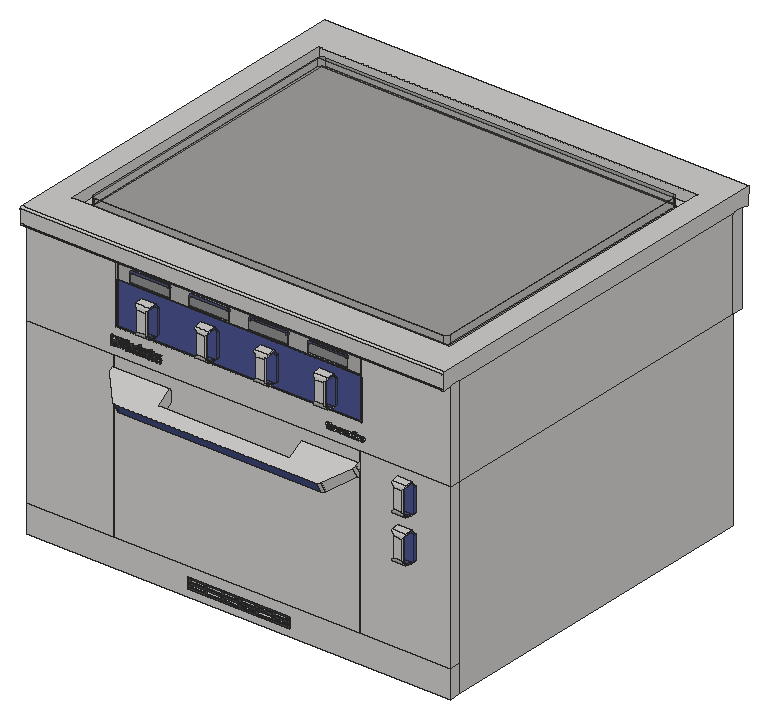
Revit family "QF_ELECTROLUXPROFESSIONAL_589661_MCTGEAJ8AO", category Attrezzature speciali, Revit 2020
Family settings
  Quota connettore circolare = Usa diametro
  Tipo di parte = Normale
  Basato su piano di lavoro = No
  Sempre verticale = Sì
  Taglio con vuoti quando caricato = No
  Condiviso = No
  Punto di calcolo locali = No
Parameters (values of type "Standard")
  Weight = 258.00 kg
  Watts = 21300 W
  Volts = 400 V
  URL Manufacturer = "https://www.electroluxprofessional.com/"
  URL = "https://www.electroluxprofessional.com/"
  Steam Supply Size = 0"
  Steam Supply Minimum Pressure = 0.00 psi
  Steam Supply Maximum Pressure = 0.00 psi
  Steam Consumption per Hour = 0
  Refrigeration Suction Line Size = 0 mm
  Refrigeration Liquid Line Size = 0 mm
  Refrigerant Compressor Remote = yes
  Prospetto di default = 0 mm
  Phase = 3
  Modello = "MCTGEAJ8AO"
  Produttore = "Electrolux Professional"
  Length Actual = 1000 mm  # constant formula
  Item Number = "589661"
  Hot Water Size = 0"
  Height Actual = 700 mm  # constant formula
  HP = "28.6 HP"
  Gas Size = 0"
  Gas KW = 0
  Gas Input Pressure = 0.0 Btu/h
  Direct Waste Size = 0"
  Descrizione = "EL.FREE COOK.ST.OVEN,1S,1000X900X700H"
  Depth Actual = 900 mm  # constant formula
  Cycle = 50 Hz
  Condensate Return Size = 0"
  Compressed Air Volume = 0 GPM
  Compressed Air Size = 0"
  Compressed Air Pressure = 0.00 psi
  Cold Water Size = 0"
  Accessory = yes
Reference planes
  plane 1 "BACK": y = 0
  plane 2: z = 0
  plane 3 "LEFT": x = -100
  plane 4 "RIGHT": x = 900
  plane 5 "FRONT": y = -900
  plane 6 "TOP": z = 900
  plane 7 "Center (Left/Right)": x = 400
  plane 8: y = -450
  plane 9: z = 200
  plane 10: y = -150
  plane 11 "Panel": y = -855
  plane 12: z = 798
  plane 13: z = 1327
  plane 14: x = -22
  plane 15: x = 822
  plane 16: y = -150
  plane 17: y = -650
  plane 18 "EIx": x = 855
  plane 19 "EIy": y = -685
  plane 20: y = -880
Forms (mm)
  Extrusion 1, solid, material "QF_Finishes_Stainless Steel"
    sketch origin (-178.969, -4572, 200) x (-1, 0, 0) y (0, -1, 0)
      loop
        line (-78.969, -4527) -> (-78.969, -3717) -> (-1078.969, -3717) -> (-1078.969, -4527) -> (-78.969, -4527)
    from 450 to 663
  Extrusion 2, solid, material "QF_Finishes_Stainless Steel"
    sketch origin (-100, 0, 0) x (0, 1, 0) y (0, 0, 1)
      loop
        line (-855, 200) -> (-855, 265) -> (-880, 265) -> (-880, 200) -> (-855, 200)
    from 0 to 1000
  Extrusion 3, solid, material "QF_Finishes_Stainless Steel"
    sketch origin (-488.969, -4662, 200) x (-1, 0, 0) y (0, -1, 0)
      loop
        circle (-1343.969, -3977) r 6.35
    from 0 to -11.851
  Extrusion 4, solid, material "QF_Finishes_Stainless Steel"
    sketch origin (400, 296.4, 1219.2) x (0, 1, 0) y (0, 0, 1)
      loop
        line (-296.4, -319.2) -> (-1191.4, -319.2)
        arc (-1191.4, -319.2) -> (-1194.935, -320.664) -> (-1196.4, -324.2) r 5
        line (-1196.4, -324.2) -> (-1196.4, -355.2)
        arc (-1196.4, -355.2) -> (-1194.971, -358.264) -> (-1191.705, -359.139) r 4
        line (-1191.705, -359.139) -> (-1176.4, -356.231) -> (-316.4, -356.231) -> (-301.094, -359.139)
        arc (-301.094, -359.139) -> (-297.829, -358.264) -> (-296.4, -355.2) r 4
        line (-296.4, -355.2) -> (-296.4, -319.2)
    from -500 to 500
  Extrusion 5, solid, material "QF_Finishes_Electrolux_Black Smoke Iluminated"
    sketch origin (0, 0, 900) x (-1, 0, 0) y (0, -1, 0)
      loop
        arc (12, 109) -> (19.071, 111.929) -> (22, 119) r 10
        line (22, 119) -> (22, 780)
        arc (22, 780) -> (19.071, 787.071) -> (12, 790) r 10
        line (12, 790) -> (-812, 790)
        arc (-812, 790) -> (-819.071, 787.071) -> (-822, 780) r 10
        line (-822, 780) -> (-822, 119)
        arc (-822, 119) -> (-819.071, 111.929) -> (-812, 109) r 10
        line (-812, 109) -> (12, 109)
    from 0 to -20
  Extrusion 6, solid, material "QF_Finishes_Stainless Steel"
    sketch origin (-178.969, -4572, 200) x (-1, 0, 0) y (0, -1, 0)
      loop
        line (-78.969, -4527) -> (-78.969, -3717) -> (-1078.969, -3717) -> (-1078.969, -4527) -> (-78.969, -4527)
    from 450 to 0
  Extrusion 7, void
    sketch origin (0, -855, 0) x (-1, 0, 0) y (0, 0, 1)
      loop
        line (-520, 216.594) -> (-280, 216.594) -> (-280, 241.594) -> (-520, 241.594) -> (-520, 216.594)
    from 0 to -25
  Extrusion 8, solid, material "QF_Finishes_Black"
    sketch origin (0, -855, 0) x (-1, 0, 0) y (0, 0, 1)
      loop
        line (-280, 241.594) -> (-520, 241.594) -> (-520, 216.594) -> (-280, 216.594) -> (-280, 241.594)
      loop
        line (-282, 239.594) -> (-319.131, 239.594) -> (-319.131, 230.094) -> (-282, 230.094) -> (-282, 239.594)
      loop
        line (-282, 218.594) -> (-282, 228.094) -> (-319.131, 228.094) -> (-319.131, 218.594) -> (-282, 218.594)
      loop
        line (-321.131, 239.594) -> (-359.066, 239.594) -> (-359.066, 230.094) -> (-321.131, 230.094) -> (-321.131, 239.594)
      loop
        line (-399, 239.594) -> (-399, 230.094) -> (-361.066, 230.094) -> (-361.066, 239.594) -> (-399, 239.594)
      loop
        line (-401, 239.594) -> (-438.934, 239.594) -> (-438.934, 230.094) -> (-401, 230.094) -> (-401, 239.594)
      loop
        line (-359.066, 218.594) -> (-321.131, 218.594) -> (-321.131, 228.094) -> (-359.066, 228.094) -> (-359.066, 218.594)
      loop
        line (-361.066, 218.594) -> (-361.066, 228.094) -> (-399, 228.094) -> (-399, 218.594) -> (-361.066, 218.594)
      loop
        line (-401, 228.094) -> (-438.934, 228.094) -> (-438.934, 218.594) -> (-401, 218.594) -> (-401, 228.094)
      loop
        line (-518, 239.594) -> (-518, 230.094) -> (-480.869, 230.094) -> (-480.869, 239.594) -> (-518, 239.594)
      loop
        line (-518, 218.594) -> (-480.869, 218.594) -> (-480.869, 228.094) -> (-518, 228.094) -> (-518, 218.594)
      loop
        line (-478.869, 239.594) -> (-478.869, 230.094) -> (-440.934, 230.094) -> (-440.934, 239.594) -> (-478.869, 239.594)
      loop
        line (-440.934, 218.594) -> (-440.934, 228.094) -> (-478.869, 228.094) -> (-478.869, 218.594) -> (-440.934, 218.594)
    from -25.03 to -20
  Extrusion 9, void
    sketch origin (0, 0, 900) x (-1, 0, 0) y (0, -1, 0)
      loop
        line (47, 815) -> (-847, 815) -> (-847, 84) -> (47, 84) -> (47, 815)
    from 0 to -25
  Extrusion 10, solid, material "QF_Finishes_Stainless Steel"
    sketch origin (0, 0, 900) x (-1, 0, 0) y (0, -1, 0)
      loop
        line (18, 113) -> (18, 786) -> (-818, 786) -> (-818, 113) -> (18, 113)
    from -20 to -25
  Extrusion 11, solid, material "QF_Finishes_Stainless Steel"
    sketch origin (400, 296.4, 1219.169) x (0, 1, 0) y (0, 0, 1)
      loop
        line (-341.4, -356.2) -> (-341.4, -569.2) -> (-316.4, -569.2) -> (-316.4, -356.2) -> (-341.4, -356.2)
    from -500 to 500
Cuts and joins
  Extrusion 7 cuts Extrusion 6
  Extrusion 7 cuts Extrusion 2
  Extrusion 9 cuts Extrusion 4
Lines and regions (mm)
  symbolic lines
    curve 1: line (-100, 0, 200) -> (900, 0, 200)
    curve 2: line (-100, -900, 200) -> (-100, 0, 200)
    curve 3: line (900, -900, 200) -> (-100, -900, 200)
    curve 4: line (900, 0, 200) -> (900, -900, 200)
    curve 5: line (812, -109, 200) -> (-12, -109, 200)
    curve 6: line (-22, -119, 200) -> (-22, -780, 200)
    curve 7: line (-12, -790, 200) -> (812, -790, 200)
    curve 8: line (822, -780, 200) -> (822, -119, 200)
    curve 9: arc (-12, -109, 200) -> (-19.071, -111.929, 200) -> (-22, -119, 200) r 10
    curve 10: arc (822, -119, 200) -> (819.071, -111.929, 200) -> (812, -109, 200) r 10
    curve 11: arc (812, -790, 200) -> (819.071, -787.071, 200) -> (822, -780, 200) r 10
    curve 12: arc (-22, -780, 200) -> (-19.071, -787.071, 200) -> (-12, -790, 200) r 10
    curve 13: line (847, -84, 900) -> (-47, -84, 900)
    curve 14: line (-47, -84, 900) -> (-47, -815, 900)
    curve 15: line (847, -815, 900) -> (847, -84, 900)
    curve 16: line (-47, -815, 900) -> (847, -815, 900)
Dimensions and locks
  plane 3 "LEFT" to plane 4 "RIGHT" = 1000 mm
  plane 5 "FRONT" to plane 1 "BACK" = 900 mm
  plane 3 "LEFT" to plane 7 "Center (Left/Right)" to plane 4 "RIGHT" = 500 mm, 500 mm
  equal spacing: plane 5 "FRONT", plane 8, plane 1 "BACK"
  plane 6 "TOP" to level = 900 mm  (x2)
  plane 9 to level = 200 mm
  plane 1 "BACK" to plane 10 to plane 11 "Panel" = 150 mm, 705 mm  (x2)
  plane 6 "TOP" to plane 9 to level = 700 mm, 200 mm
  plane 1 "BACK" to plane 5 "FRONT" = 900 mm
  plane 1 "BACK" to Extrusion 3 = 685 mm
  plane 12 to plane 9 = 598 mm
  plane 13 to plane 6 "TOP" = 427 mm
  plane 6 "TOP" to plane 12 = 102 mm
  plane 14 to plane 3 "LEFT" = 78 mm
  plane 15 to plane 4 "RIGHT" = 78 mm
  locked: plane 1 "BACK" to plane 16 at 150
  locked: plane 16 to plane 17 at 500
  plane 11 "Panel" to plane 5 "FRONT" = 45 mm
  plane 18 "EIx" to plane 4 "RIGHT" = 45 mm
  plane 19 "EIy" to plane 1 "BACK" = 685 mm
  locked: plane 11 "Panel" to plane 20 at 25
  aligned and locked: level to plane 2
  aligned and locked: Extrusion 2 to plane 4 "RIGHT"
  aligned and locked: cut or joined group of Extrusion 4, Extrusion 9 to plane 3 "LEFT"
  aligned and locked: cut or joined group of Extrusion 4, Extrusion 9 to plane 4 "RIGHT"
  aligned and locked: cut or joined group of Extrusion 6, Extrusion 7 to plane 4 "RIGHT"
  aligned and locked: cut or joined group of Extrusion 6, Extrusion 7 to plane 3 "LEFT"
  aligned and locked: nested 1 to plane 11 "Panel"
  aligned and locked: nested 4 to plane 11 "Panel"
  aligned and locked: Extrusion 1 to plane 11 "Panel"
  aligned and locked: plane 11 "Panel" to cut or joined group of Extrusion 2, Extrusion 7
  aligned and locked: nested 2 to plane 20
  aligned and locked: nested 3 to plane 20
  aligned and locked: Extrusion 11 to plane 4 "RIGHT"
  aligned and locked: Extrusion 1 to plane 3 "LEFT"
  aligned and locked: Extrusion 11 to plane 3 "LEFT"
  aligned and locked: Extrusion 1 to plane 4 "RIGHT"
  aligned and locked: plane 3 "LEFT" to nested 1
Automatic sketch dimensions
  Extrusion 1 sketch curve to plane 4 "RIGHT" = 0 mm
  Extrusion 1 sketch curve to plane 3 "LEFT" = 0 mm
  Extrusion 1 sketch curve to plane 11 "Panel" = 0 mm
  plane 1 "BACK" to Extrusion 1 sketch curve = 45 mm
  Extrusion 2 sketch curve to plane 9 = 0 mm
  Extrusion 2 sketch curve to plane 20 = 0 mm
  Extrusion 2 sketch curve to plane 11 "Panel" = 0 mm
  plane 9 to Extrusion 2 sketch curve = 65 mm
  plane 1 "BACK" to curve 1 = 0 mm
  curve 1 to plane 4 "RIGHT" = 0 mm
  curve 8 to plane 15 = 0 mm
  curve 6 to plane 14 = 0 mm
  curve 2 to plane 3 "LEFT" = 0 mm
  plane 5 "FRONT" to curve 3 = 0 mm
  plane 15 to curve 5 = 10 mm
  plane 15 to curve 11 = 10 mm
  curve 5 to plane 14 = 10 mm
  curve 12 to curve 12 = 10 mm
  plane 10 to curve 5 = 41 mm
  plane 11 "Panel" to curve 11 = 75 mm
  Extrusion 3 sketch curve to plane 18 "EIx" = 0 mm
  Extrusion 3 sketch curve to plane 19 "EIy" = 0 mm
  Extrusion 4 sketch curve to plane 5 "FRONT" = 0 mm
  Extrusion 4 sketch curve to plane 6 "TOP" = 0 mm
  Extrusion 4 sketch curve to plane 20 = 0 mm
  Extrusion 4 sketch curve to plane 1 "BACK" = 0 mm
  Extrusion 4 sketch curve to Extrusion 4 sketch curve = 4 mm
  Extrusion 4 sketch curve to Extrusion 4 sketch curve = 0.695 mm
  Extrusion 4 sketch curve to plane 5 "FRONT" = 5 mm
  plane 1 "BACK" to Extrusion 4 sketch curve = 20 mm
  plane 1 "BACK" to Extrusion 4 sketch curve = 4.695 mm
  plane 1 "BACK" to Extrusion 4 sketch curve = 4 mm
  Extrusion 4 sketch curve to Extrusion 4 sketch curve = 31 mm
  Extrusion 4 sketch curve to Extrusion 4 sketch curve = 36 mm
  Extrusion 4 sketch curve to Extrusion 4 sketch curve = 2.909 mm
  Extrusion 5 sketch curve to plane 15 = 0 mm
  Extrusion 5 sketch curve to plane 14 = 0 mm
  plane 15 to Extrusion 5 sketch curve = 10 mm  (x2)
  Extrusion 5 sketch curve to Extrusion 5 sketch curve = 10 mm  (x2)
  plane 10 to Extrusion 5 sketch curve = 41 mm
  plane 11 "Panel" to Extrusion 5 sketch curve = 75 mm
  Extrusion 6 sketch curve to plane 4 "RIGHT" = 0 mm
  Extrusion 6 sketch curve to plane 3 "LEFT" = 0 mm
  Extrusion 6 sketch curve to plane 11 "Panel" = 0 mm
  plane 1 "BACK" to Extrusion 6 sketch curve = 45 mm
  plane 9 to Extrusion 7 sketch curve = 41.594 mm
  plane 7 "Center (Left/Right)" to Extrusion 7 sketch curve = 120 mm
  Extrusion 7 sketch curve to plane 7 "Center (Left/Right)" = 120 mm
  plane 9 to Extrusion 7 sketch curve = 16.594 mm
  plane 9 to Extrusion 8 sketch curve = 41.594 mm
  plane 7 "Center (Left/Right)" to Extrusion 8 sketch curve = 120 mm
  Extrusion 8 sketch curve to Extrusion 8 sketch curve = 2 mm  (x15)
  Extrusion 8 sketch curve to Extrusion 8 sketch curve = 0 mm  (x16)
  Extrusion 8 sketch curve to Extrusion 8 sketch curve = 37.131 mm  (x2)
  Extrusion 8 sketch curve to Extrusion 8 sketch curve = 37.934 mm  (x3)
  plane 7 "Center (Left/Right)" to Extrusion 8 sketch curve = 1 mm  (x2)
  Extrusion 8 sketch curve to plane 7 "Center (Left/Right)" = 1 mm  (x2)
  plane 9 to Extrusion 8 sketch curve = 18.594 mm  (x4)
  Extrusion 8 sketch curve to Extrusion 8 sketch curve = 9.5 mm  (x6)
  plane 18 "EIx" to Extrusion 9 sketch curve = 8 mm
  plane 14 to Extrusion 9 sketch curve = 25 mm
  plane 10 to Extrusion 9 sketch curve = 66 mm
  plane 11 "Panel" to Extrusion 9 sketch curve = 40 mm
  plane 15 to Extrusion 10 sketch curve = 4 mm
  Extrusion 10 sketch curve to plane 14 = 4 mm
  plane 10 to Extrusion 10 sketch curve = 37 mm
  plane 11 "Panel" to Extrusion 10 sketch curve = 69 mm
  plane 18 "EIx" to curve 16 = 8 mm
  plane 14 to curve 14 = 25 mm
  plane 10 to curve 13 = 66 mm
  plane 11 "Panel" to curve 15 = 40 mm
  plane 1 "BACK" to Extrusion 11 sketch curve = 45 mm
  plane 1 "BACK" to Extrusion 11 sketch curve = 20 mm
  Extrusion 11 sketch curve to plane 12 = 148.031 mm
  Extrusion 11 sketch curve to plane 6 "TOP" = 37.031 mm
  radius of Extrusion 3 sketch curve = 6.35 mm
Nested families
  nested 1: "Door_Panel_W1000_A" at (400, -855, 0), type "Door_Panel_W1000_A"
  nested 2: "FIT Range Control Handle" at (795, -883.137, -372.751), type "FIT Range Control Handle"
  nested 3: "FIT Range Control Handle" at (795, -883.137, -474.751), type "FIT Range Control Handle"
  nested 4: "Front_Panel_W1000_4 Knobs" at (102.376, -855, 0), type "Front_Panel_W1000_4 Knobs"
Connectors
  electrical at (855, -685, 188.149)
    settings: on Extrusion 3, index 1, voltage 400 V, apparent load 33000 VA, apparent load phase1 0 VA, apparent load phase2 0 VA, apparent load phase3 0 VA, power factor 1, load classification "Other", number of poles 1, system type 30, power factor state 1, is connector primary yes, connector utility no, sub classification motor no, connector description "ELECTRICAL CONNECTION"
Definition of nested family "Door_Panel_W1000_A"
  Parameters
    Default Elevation = 0 mm
  Reference planes
    plane 1 "Center (Front/Back)": y = 0
    plane 2 "Ref. Level": z = 0
    plane 3: x = 500
    plane 4: x = -500
    plane 5 "Center (Left/Right)": x = 0
    plane 6: x = -295
    plane 7: x = 285
    plane 8 "Manopola": through (-6096, -50.059, 612.389) normal (0, -0.515, 0.8572)
    plane 9 "Top": z = 650
    plane 10: z = 265
    plane 11: z = 200
  Forms (mm)
    Extrusion 1, solid
      sketch origin (0, 0, 0) x (0, 1, 0) y (0, 0, 1)
        loop
          line (-25.03, 650) -> (-25.03, 265) -> (0, 265) -> (0, 650) -> (-25.03, 650)
      from 285 to 500
    Extrusion 2, solid
      sketch origin (0, 0, 0) x (0, 1, 0) y (0, 0, 1)
        loop
          line (-25.03, 650) -> (-25.03, 265) -> (0, 265) -> (0, 650) -> (-25.03, 650)
      from -500 to -295
    Extrusion 3, solid
      sketch origin (0, 0, 0) x (0, 1, 0) y (0, 0, 1)
        loop
          line (-25.03, 650) -> (-25.03, 265) -> (0, 265) -> (0, 650) -> (-25.03, 650)
      from -295 to 285
    Extrusion 4, solid
      sketch origin (0, -283.633, 472.044) x (0, 0.857167, 0.515038) y (-1, 0, 0)
        loop
          line (299.12, -285) -> (299.12, 295) -> (290.982, 295)
          arc (290.982, 295) -> (286.677, 294.026) -> (283.211, 291.293) r 10
          line (283.211, 291.293) -> (233.28, 250.86)
          arc (233.28, 250.86) -> (230.548, 247.394) -> (229.574, 243.089) r 10
          line (229.574, 243.089) -> (229.574, -233.089)
          arc (229.574, -233.089) -> (230.548, -237.394) -> (233.28, -240.86) r 10
          line (233.28, -240.86) -> (283.211, -281.293)
          arc (283.211, -281.293) -> (286.677, -284.026) -> (290.982, -285) r 10
          line (290.982, -285) -> (299.12, -285)
      from -27 to 0
    Extrusion 5, void
      sketch origin (0, 0, 0) x (0, 1, 0) y (0, 0, 1)
        loop
          line (-61.514, 605.507) -> (-47.608, 582.363) -> (-25.03, 595.93) -> (-25.03, 627.429) -> (-61.514, 605.507)
      from -160 to 150
    Extrusion 6, solid, detail levels coarse
      sketch origin (0, 0, 0) x (0, 1, 0) y (0, 0, 1)
        loop
          line (-25.03, 265) -> (-25.03, 650)
          arc (-25.03, 650) -> (-297.266, 537.236) -> (-410.03, 265) r 385
          line (-410.03, 265) -> (-25.03, 265)
      from -295 to 285
  Cuts and joins
    Extrusion 5 cuts Extrusion 4
    joined: Extrusion 3, Extrusion 4
  Lines and regions (mm)
    symbolic lines
      curve 1: line (-287.355, -45.043, 0) -> (-250.86, -83.673, 0)
      curve 2: line (-243.089, -86.85, 0) -> (233.089, -86.85, 0)
      curve 3: line (240.86, -83.673, 0) -> (277.355, -45.043, 0)
      curve 4: arc (-243.089, -86.85, 0) -> (-247.318, -86.101, 0) -> (-250.86, -83.673, 0) r 10.165
      curve 5: arc (233.089, -86.85, 0) -> (237.318, -86.101, 0) -> (240.86, -83.673, 0) r 10.165
      curve 6: line (-295, -45.043, 0) -> (-295, -410.03, 0)
      curve 7: line (-295, -410.03, 0) -> (285, -410.03, 0)
      curve 8: line (285, -410.03, 0) -> (285, -45.03, 0)
  Dimensions and locks
    plane 3 to plane 4 = 1000 mm
    plane 4 to plane 3 = 1000 mm
    equal spacing: plane 3, plane 5 "Center (Left/Right)", plane 4
    plane 6 to plane 4 = 205 mm
    plane 3 to plane 7 = 215 mm
    plane 11 to level = 200 mm
    plane 10 to plane 11 = 65 mm
    plane 10 to plane 9 "Top" = 385 mm
    plane 9 "Top" to plane 11 = 450 mm
    aligned and locked: plane 3 to Extrusion 1
    aligned and locked: cut or joined group of Extrusion 3, Extrusion 4, Extrusion 5 to plane 6
    aligned and locked: cut or joined group of Extrusion 3, Extrusion 4, Extrusion 5 to plane 7
    aligned and locked: plane 7 to Extrusion 1
    aligned and locked: plane 6 to Extrusion 2
    aligned and locked: Extrusion 2 to plane 4
    aligned and locked: plane 10 to Extrusion 2
    aligned and locked: plane 10 to cut or joined group of Extrusion 3, Extrusion 4, Extrusion 5
    aligned and locked: plane 10 to Extrusion 1
    aligned and locked: Extrusion 6 to plane 6
    aligned and locked: Extrusion 6 to plane 7
  Automatic sketch dimensions
    Extrusion 5 sketch curve to plane 8 "Manopola" = 0 mm  (x2)
    plane 1 "Center (Front/Back)" to Extrusion 5 sketch curve = 61.514 mm
    Extrusion 5 sketch curve to Extrusion 5 sketch curve = 13.906 mm
    plane 1 "Center (Front/Back)" to Extrusion 5 sketch curve = 25.03 mm
    Extrusion 4 sketch curve to plane 7 = 0 mm
    Extrusion 4 sketch curve to plane 6 = 0 mm
    plane 6 to Extrusion 4 sketch curve = 51.911 mm
    plane 7 to Extrusion 4 sketch curve = 44.14 mm
    Extrusion 4 sketch curve to Extrusion 4 sketch curve = 3.707 mm  (x2)
    plane 6 to Extrusion 4 sketch curve = 44.14 mm
    plane 7 to Extrusion 4 sketch curve = 3.707 mm
    Extrusion 4 sketch curve to Extrusion 4 sketch curve = 49.93 mm  (x2)
    plane 6 to Extrusion 4 sketch curve = 3.707 mm
    Extrusion 4 sketch curve to Extrusion 4 sketch curve = 7.771 mm  (x3)
    Extrusion 4 sketch curve to Extrusion 4 sketch curve = 8.138 mm
    Extrusion 2 sketch curve to plane 1 "Center (Front/Back)" = 0 mm
    Extrusion 3 sketch curve to plane 1 "Center (Front/Back)" = 0 mm
    Extrusion 1 sketch curve to plane 1 "Center (Front/Back)" = 0 mm
    Extrusion 2 sketch curve to plane 9 "Top" = 0 mm
    Extrusion 2 sketch curve to Extrusion 2 sketch curve = 25.03 mm
    Extrusion 3 sketch curve to plane 9 "Top" = 0 mm
    Extrusion 3 sketch curve to Extrusion 3 sketch curve = 25.03 mm
    Extrusion 1 sketch curve to plane 9 "Top" = 0 mm
    plane 1 "Center (Front/Back)" to Extrusion 1 sketch curve = 25.03 mm
    level to Extrusion 1 sketch curve = 265 mm
    level to Extrusion 2 sketch curve = 265 mm
    level to Extrusion 3 sketch curve = 265 mm
    plane 10 to Extrusion 6 sketch curve = 0 mm
    Extrusion 6 sketch curve to plane 9 "Top" = 0 mm
    plane 1 "Center (Front/Back)" to Extrusion 6 sketch curve = 25.03 mm
    curve 7 to plane 7 = 0 mm
    plane 6 to curve 1 = 44.14 mm
    curve 4 to curve 4 = 7.389 mm
    curve 4 to curve 2 = 7.771 mm
    plane 7 to curve 2 = 51.911 mm
    curve 2 to curve 5 = 0.382 mm
    curve 2 to curve 3 = 7.771 mm
    plane 1 "Center (Front/Back)" to curve 6 = 410.03 mm
    plane 1 "Center (Front/Back)" to curve 2 = 86.85 mm
    curve 2 to curve 3 = 3.177 mm
    curve 2 to curve 1 = 3.177 mm
    plane 7 to curve 3 = 7.645 mm
    plane 1 "Center (Front/Back)" to curve 3 = 45.043 mm
    curve 3 to curve 8 = 0.013 mm
    curve 7 to plane 6 = 0 mm
    curve 6 to curve 1 = 7.645 mm
    plane 1 "Center (Front/Back)" to curve 1 = 45.043 mm
    curve 6 to curve 1 = 0 mm
Definition of nested family "FIT Range Control Handle"
  Parameters
    Default Elevation = 0 mm
  Reference planes
    plane 1 "Center (Front/Back)": y = 0
    plane 2: z = 0
    plane 3 "Center (Left/Right)": x = 0
    plane 4: z = 971.092
    plane 5: y = -16.8
  Forms (mm)
    Extrusion 1, solid
      sketch origin (-746.28, 380.497, 208.931) x (-1, 0, 0) y (0, 0, 1)
        loop
          line (-770.101, 786.798) -> (-770.101, 731.649)
          arc (-770.101, 731.649) -> (-769.759, 730.563) -> (-768.855, 729.87) r 1.893
          line (-768.855, 729.87) -> (-763.474, 727.911) -> (-729.81, 727.911) -> (-724.428, 729.87)
          arc (-724.428, 729.87) -> (-723.525, 730.563) -> (-723.183, 731.649) r 1.893
          line (-723.183, 731.649) -> (-723.183, 786.798)
          arc (-723.183, 786.798) -> (-723.529, 787.894) -> (-724.44, 788.593) r 1.91
          line (-724.44, 788.593) -> (-729.683, 790.819) -> (-763.601, 790.819) -> (-768.844, 788.593)
          arc (-768.844, 788.593) -> (-769.755, 787.894) -> (-770.101, 786.798) r 1.91
      from -382.35 to -378.852
    Sweep 2, solid
      path origin (-746.788, 380.496, 208.091) x (0, -1, 0) y (0, 0, 1)
        loop
          line (379.775, 793.281) -> (395.661, 791.048)
          arc (395.661, 791.048) -> (397.781, 787.377) -> (398.517, 783.202) r 12.207
          line (398.517, 783.202) -> (398.517, 737.368)
          arc (398.517, 737.368) -> (397.781, 733.193) -> (395.661, 729.522) r 12.207
          line (395.661, 729.522) -> (379.775, 727.289)
      profile origin (-746.788, -7.222, 1000.256) x (0, -0.139173, 0.990268) y (-1, 0, 0)
        loop
          line (0.782, -763.123) -> (0.782, -730.907) -> (-1.322, -730.907) -> (-1.322, -763.123) -> (0.782, -763.123)
    Sweep 3, solid
      path origin (-746.788, 380.715, 207.832) x (0, -1, 0) y (0, 0, 1)
        loop
          line (380.478, 795.442) -> (397.218, 793.09)
          arc (397.218, 793.09) -> (399.929, 788.473) -> (400.871, 783.202) r 15.207
          line (400.871, 783.202) -> (400.871, 737.584)
          arc (400.871, 737.584) -> (399.914, 732.274) -> (397.164, 727.633) r 15.207
          line (397.164, 727.633) -> (380.601, 725.305)
      profile origin (-746.788, -8.132, 1002.099) x (0, -0.139173, 0.990268) y (-1, 0, 0)
        loop
          line (0.782, -763.123) -> (0.782, -730.907) -> (-1.322, -730.907) -> (-1.322, -763.123) -> (0.782, -763.123)
    Extrusion 4, void
      sketch origin (889.253, 220.666, 207.993) x (1, 0, 0) y (0, 0, 1)
        loop
          line (-943.038, 816.854) -> (-943.038, 703.686) -> (-899.466, 734.196) -> (-899.466, 786.344) -> (-943.038, 816.854)
      from 230.636 to 242.25
    Extrusion 5, void
      sketch origin (-888.8, 220.666, 207.993) x (-1, 0, 0) y (0, 0, -1)
        loop
          line (-943.038, -816.854) -> (-899.466, -786.344) -> (-899.466, -734.196) -> (-943.038, -703.686) -> (-943.038, -816.854)
      from 230.636 to 242.25
    Extrusion 6, solid
      sketch origin (0, 0, 0) x (1, 0, 0) y (0, 0, 1)
        loop
          circle (0, 971.092) r 7.736
      from -3.137 to -1.645
  Cuts and joins
    Extrusion 4, Extrusion 5 cuts Sweep 3
    Extrusion 4, Extrusion 5 cuts Sweep 2
    joined: Extrusion 1, Extrusion 6
  Lines and regions (mm)
    symbolic lines
      curve 1: line (-15.881, -19.189, 0) -> (-15.881, -16.8, 0)
      curve 2: line (16.334, -19.189, 0) -> (16.334, -16.8, 0)
      curve 3: spline (-15.881, -19.189, 0) -> (-15.417, -19.349, 0) -> (-14.951, -19.501, 0) -> (-14.483, -19.646, 0) -> (-14.014, -19.783, 0) -> (-13.543, -19.912, 0) -> (-13.071, -20.033, 0) -> (-12.597, -20.146, 0) -> (-12.122, -20.251, 0) -> (-11.646, -20.349, 0) -> (-11.169, -20.438, 0) -> (-10.691, -20.52, 0) -> (-10.213, -20.593, 0)
      curve 4: spline (10.666, -20.593, 0) -> (11.144, -20.52, 0) -> (11.622, -20.438, 0) -> (12.099, -20.349, 0) -> (12.575, -20.251, 0) -> (13.05, -20.146, 0) -> (13.524, -20.033, 0) -> (13.996, -19.912, 0) -> (14.467, -19.783, 0) -> (14.936, -19.646, 0) -> (15.404, -19.501, 0) -> (15.87, -19.349, 0) -> (16.334, -19.189, 0)
      curve 5: line (-10.213, -20.938, 0) -> (10.716, -20.938, 0)
  Dimensions and locks
    cut or joined group of Sweep 3, Extrusion 4, Extrusion 5 to cut or joined group of Sweep 3, Extrusion 4, Extrusion 5 = 71.686 mm
Definition of nested family "Front_Panel_W1000_4 Knobs"
  Parameters
    Default Elevation = 0 mm
  Reference planes
    plane 1 "Center (Front/Back)": y = 0
    plane 2: z = 0
    plane 3 "Center (Left/Right)": x = 297.624
    plane 4 "Left": x = -202.376
    plane 5 "Right": x = 797.624
    plane 6: y = -45
    plane 7: x = 87.624
    plane 8: x = 227.624
    plane 9: y = -310
    plane 10: y = -25
    plane 11: x = -2.376
    plane 12: x = 367.624
    plane 13: x = 507.624
    plane 14: x = 594.715
  Forms (mm)
    Extrusion 1, solid
      sketch origin (833.217, 829.203, -1.25) x (0, 1, 0) y (0, 0, 1)
        loop
          line (-854.203, 651.25) -> (-829.203, 651.25) -> (-829.203, 864.25) -> (-854.203, 864.25) -> (-854.203, 651.25)
      from -1035.593 to -35.593
    Extrusion 2, void
      sketch origin (0, 0, 0) x (1, 0, 0) y (0, 0, 1)
        loop
          line (7.624, 853.866) -> (7.624, 711.866) -> (587.624, 711.866) -> (587.624, 853.866) -> (7.624, 853.866)
      from 19.387 to 33.951
  Cuts and joins
    Extrusion 2 cuts Extrusion 1
  Lines and regions (mm)
    symbolic lines
      curve 1: line (131.124, -45, 0) -> (131.124, -310, 0)
      curve 2: line (131.124, -310, 0) -> (464.124, -310, 0)
      curve 3: line (235.966, -310, 0) -> (240.646, -334.075, 0)
      curve 4: line (240.646, -334.075, 0) -> (354.603, -334.075, 0)
      curve 5: line (354.603, -334.075, 0) -> (359.283, -310, 0)
      curve 6: line (464.124, -310, 0) -> (464.124, -45, 0)
      curve 7: line (131.124, -300, 0) -> (464.124, -300, 0)
      curve 8: line (240.874, -309.046, 0) -> (244.767, -329.075, 0)
      curve 9: line (244.767, -329.075, 0) -> (350.481, -329.075, 0)
      curve 10: line (350.481, -329.075, 0) -> (354.375, -309.046, 0)
  Dimensions and locks
    equal spacing: plane 5 "Right", plane 3 "Center (Left/Right)", plane 4 "Left"
    plane 5 "Right" to plane 4 "Left" = 1000 mm
    plane 3 "Center (Left/Right)" to plane 7 = 210 mm
    plane 3 "Center (Left/Right)" to plane 8 = 70 mm
    plane 6 to plane 9 = 265 mm
    plane 13 to plane 3 "Center (Left/Right)" = 210 mm
    plane 12 to plane 3 "Center (Left/Right)" = 70 mm
    aligned and locked: cut or joined group of Extrusion 1, Extrusion 2 to plane 4 "Left"
    aligned and locked: plane 5 "Right" to cut or joined group of Extrusion 1, Extrusion 2
    aligned and locked: plane 3 "Center (Left/Right)" to nested 2
    aligned and locked: cut or joined group of Extrusion 1, Extrusion 2 to nested 2
  Automatic sketch dimensions
    Extrusion 1 sketch curve to plane 1 "Center (Front/Back)" = 0 mm
    level to Extrusion 1 sketch curve = 650 mm
    plane 4 "Left" to Extrusion 2 sketch curve = 210 mm
    Extrusion 2 sketch curve to plane 5 "Right" = 210 mm
    level to Extrusion 2 sketch curve = 711.866 mm
    Extrusion 2 sketch curve to Extrusion 2 sketch curve = 142 mm
    plane 6 to curve 1 = 0 mm
    plane 6 to curve 6 = 0 mm
    plane 9 to curve 1 = 0 mm
    plane 7 to curve 1 = 43.5 mm
    curve 4 to plane 9 = 24.075 mm
    plane 8 to curve 4 = 13.021 mm
    curve 3 to curve 8 = 4.122 mm
    plane 3 "Center (Left/Right)" to curve 4 = 56.979 mm
    curve 4 to curve 2 = 109.521 mm
    plane 8 to curve 3 = 8.342 mm
    curve 3 to curve 8 = 4.908 mm
    curve 9 to curve 4 = 4.122 mm
    curve 10 to plane 9 = 19.075 mm
    curve 9 to curve 5 = 8.801 mm
    plane 9 to curve 10 = 0.954 mm
    curve 10 to curve 5 = 4.908 mm
    curve 3 to curve 8 = 0.954 mm
    curve 1 to curve 7 = 10 mm
    Extrusion 1 sketch curve to plane 6 = 20 mm
    Extrusion 1 sketch curve to Extrusion 1 sketch curve = 213 mm
  Nested families
    nested 1: "Range Control Handle" at (87.624, -28.137, -209.113) x (-1, 0, 0) z (0, 0, 1), type "Range Control Handle"
    nested 2: "Front glass control panel W1000" at (297.624, 280.644, 2.752), type "Front glass control panel W1000"
    nested 3: "Range Control Handle" at (227.624, -28.137, -209.113) x (-1, 0, 0) z (0, 0, 1), type "Range Control Handle"
    nested 4: "Range Control Handle" at (367.624, -28.137, -209.113), type "Range Control Handle"
    nested 5: "Range Control Handle" at (507.624, -28.137, -209.113), type "Range Control Handle"
    nested 6: "ELX_ThermaLine_Small" at (546.122, -25, 679.426) x (1, 0, 0) z (0, -1, 0), type "ELX_ThermaLine_Small"
      with Show Logo yes, Material_Logo none
    nested 7: "ELX_Professional_Logo_Small" at (57.11, -25, 681.659) x (1, 0, 0) z (0, -1, 0), type "ELX_Professional_Logo_Small"
      with Show Logo yes, Material_Logo none
  Definition of nested family "Range Control Handle"
    Parameters
      Default Elevation = 0 mm
    Reference planes
      plane 1 "Center (Front/Back)": y = 0
      plane 2: z = 0
      plane 3 "Center (Left/Right)": x = 0
      plane 4: z = 971.092
      plane 5: y = -16.9
    Forms (mm)
      Extrusion 1, solid
        sketch origin (-746.28, 380.497, 208.931) x (-1, 0, 0) y (0, 0, 1)
          loop
            line (-770.101, 786.798) -> (-770.101, 731.649)
            arc (-770.101, 731.649) -> (-769.759, 730.563) -> (-768.855, 729.87) r 1.893
            line (-768.855, 729.87) -> (-763.474, 727.911) -> (-729.81, 727.911) -> (-724.428, 729.87)
            arc (-724.428, 729.87) -> (-723.525, 730.563) -> (-723.183, 731.649) r 1.893
            line (-723.183, 731.649) -> (-723.183, 786.798)
            arc (-723.183, 786.798) -> (-723.529, 787.894) -> (-724.44, 788.593) r 1.91
            line (-724.44, 788.593) -> (-729.683, 790.819) -> (-763.601, 790.819) -> (-768.844, 788.593)
            arc (-768.844, 788.593) -> (-769.755, 787.894) -> (-770.101, 786.798) r 1.91
        from -382.35 to -378.852
      Sweep 2, solid
        path origin (-746.788, 380.496, 208.091) x (0, -1, 0) y (0, 0, 1)
          loop
            line (379.775, 793.281) -> (395.661, 791.048)
            arc (395.661, 791.048) -> (397.781, 787.377) -> (398.517, 783.202) r 12.207
            line (398.517, 783.202) -> (398.517, 737.368)
            arc (398.517, 737.368) -> (397.781, 733.193) -> (395.661, 729.522) r 12.207
            line (395.661, 729.522) -> (379.775, 727.289)
        profile origin (-746.788, -7.222, 1000.256) x (0, -0.139173, 0.990268) y (-1, 0, 0)
          loop
            line (0.782, -763.123) -> (0.782, -730.907) -> (-1.322, -730.907) -> (-1.322, -763.123) -> (0.782, -763.123)
      Sweep 3, solid
        path origin (-746.788, 380.715, 207.832) x (0, -1, 0) y (0, 0, 1)
          loop
            line (380.478, 795.442) -> (397.218, 793.09)
            arc (397.218, 793.09) -> (399.929, 788.473) -> (400.871, 783.202) r 15.207
            line (400.871, 783.202) -> (400.871, 737.584)
            arc (400.871, 737.584) -> (399.914, 732.274) -> (397.164, 727.633) r 15.207
            line (397.164, 727.633) -> (380.601, 725.305)
        profile origin (-746.788, -8.132, 1002.099) x (0, -0.139173, 0.990268) y (-1, 0, 0)
          loop
            line (0.782, -763.123) -> (0.782, -730.907) -> (-1.322, -730.907) -> (-1.322, -763.123) -> (0.782, -763.123)
      Extrusion 4, void
        sketch origin (889.253, 220.666, 207.993) x (1, 0, 0) y (0, 0, 1)
          loop
            line (-943.038, 816.854) -> (-943.038, 703.686) -> (-899.466, 734.196) -> (-899.466, 786.344) -> (-943.038, 816.854)
        from 230.636 to 242.25
      Extrusion 5, void
        sketch origin (-888.8, 220.666, 207.993) x (-1, 0, 0) y (0, 0, -1)
          loop
            line (-943.038, -816.854) -> (-899.466, -786.344) -> (-899.466, -734.196) -> (-943.038, -703.686) -> (-943.038, -816.854)
        from 230.636 to 242.25
      Extrusion 6, solid
        sketch origin (0, 0, 0) x (1, 0, 0) y (0, 0, 1)
          loop
            circle (0, 971.092) r 7.736
        from -3.137 to -1.645
    Cuts and joins
      Extrusion 4, Extrusion 5 cuts Sweep 3
      Extrusion 4, Extrusion 5 cuts Sweep 2
      joined: Extrusion 1, Extrusion 6
    Lines and regions (mm)
      symbolic lines
        curve 1: line (16.334, -16.9, 0) -> (16.334, -19.227, 0)
        curve 2: spline (16.334, -19.227, 0) -> (15.87, -19.385, 0) -> (15.404, -19.536, 0) -> (14.936, -19.678, 0) -> (14.466, -19.813, 0) -> (13.995, -19.94, 0) -> (13.523, -20.059, 0) -> (13.049, -20.171, 0) -> (12.575, -20.274, 0) -> (12.099, -20.37, 0) -> (11.622, -20.458, 0) -> (11.144, -20.537, 0) -> (10.666, -20.609, 0)
        curve 3: line (10.666, -16.9, 0) -> (10.666, -20.938, 0)
        curve 4: line (-10.213, -20.938, 0) -> (10.666, -20.938, 0)
        curve 5: line (-10.213, -20.938, 0) -> (-10.213, -16.9, 0)
        curve 6: spline (-10.213, -20.609, 0) -> (-10.691, -20.537, 0) -> (-11.169, -20.458, 0) -> (-11.646, -20.37, 0) -> (-12.122, -20.274, 0) -> (-12.597, -20.171, 0) -> (-13.07, -20.059, 0) -> (-13.542, -19.94, 0) -> (-14.013, -19.813, 0) -> (-14.483, -19.678, 0) -> (-14.951, -19.536, 0) -> (-15.417, -19.385, 0) -> (-15.881, -19.227, 0)
        curve 7: line (-15.881, -19.227, 0) -> (-15.881, -16.9, 0)
  Definition of nested family "Front glass control panel W1000"
    Parameters
      Default Elevation = 0 mm
    Reference planes
      plane 1 "Center (Front/Back)": y = 0
      plane 2: z = 0
      plane 3 "Center (Left/Right)": x = 0
    Forms (mm)
      Extrusion 1, solid
        sketch origin (378.286, 0, 0.617) x (1, 0, 0) y (0, 0, 1)
          loop
            line (-668.286, 806.791) -> (-668.286, 708.497) -> (-88.286, 708.497) -> (-88.286, 806.791) -> (-668.286, 806.791)
        from 300.031 to 304.8
      Extrusion 2, solid
        sketch origin (378.286, 0, 0.617) x (1, 0, 0) y (0, 0, 1)
          loop
            line (-668.286, 850.497) -> (-668.286, 806.791) -> (-88.286, 806.791) -> (-88.286, 850.497) -> (-668.286, 850.497)
        from 300.031 to 304.8
      Extrusion 3, void
        sketch origin (378.286, 0, 0.617) x (1, 0, 0) y (0, 0, 1)
          loop
            line (-665.628, 847.565) -> (-665.628, 710.699) -> (-91.196, 710.699) -> (-91.196, 847.565) -> (-665.628, 847.565)
        from 303.697 to 304.8
      Extrusion 4, solid
        sketch origin (-378.333, 1.101, -0.633) x (-1, 0, 0) y (0, 0, -1)
          loop
            line (-261.431, -812.62) -> (-355.186, -812.62) -> (-355.186, -834.177) -> (-350.269, -834.177) -> (-348.469, -835.977) -> (-268.039, -835.977) -> (-266.24, -834.177) -> (-261.431, -834.177) -> (-261.431, -812.62)
        from 304.798 to 306.745
      Extrusion 5, solid
        sketch origin (-378.333, 1.101, -0.633) x (-1, 0, 0) y (0, 0, -1)
          loop
            line (-350.269, -834.177) -> (-355.078, -834.177)
            arc (-355.078, -834.177) -> (-353.942, -838.747) -> (-349.686, -840.763) r 5.5
            line (-349.686, -840.763) -> (-266.98, -840.763)
            arc (-266.98, -840.763) -> (-262.706, -838.752) -> (-261.529, -834.177) r 5.549
            line (-261.529, -834.177) -> (-266.24, -834.177) -> (-268.039, -835.977) -> (-348.469, -835.977) -> (-350.269, -834.177)
        from 304.798 to 306.745
      Extrusion 6, solid
        sketch origin (-518.333, 1.101, -0.633) x (-1, 0, 0) y (0, 0, -1)
          loop
            line (-261.431, -812.62) -> (-355.186, -812.62) -> (-355.186, -834.177) -> (-350.269, -834.177) -> (-348.469, -835.977) -> (-268.039, -835.977) -> (-266.24, -834.177) -> (-261.431, -834.177) -> (-261.431, -812.62)
        from 304.798 to 306.745
      Extrusion 7, solid
        sketch origin (-518.333, 1.101, -0.633) x (-1, 0, 0) y (0, 0, -1)
          loop
            line (-350.269, -834.177) -> (-355.078, -834.177)
            arc (-355.078, -834.177) -> (-353.942, -838.747) -> (-349.686, -840.763) r 5.5
            line (-349.686, -840.763) -> (-266.98, -840.763)
            arc (-266.98, -840.763) -> (-262.706, -838.752) -> (-261.529, -834.177) r 5.549
            line (-261.529, -834.177) -> (-266.24, -834.177) -> (-268.039, -835.977) -> (-348.469, -835.977) -> (-350.269, -834.177)
        from 304.798 to 306.745
      Extrusion 8, solid
        sketch origin (378.333, 1.101, -0.633) x (1, 0, 0) y (0, 0, 1)
          loop
            line (-261.431, 812.62) -> (-261.431, 834.177) -> (-266.24, 834.177) -> (-268.039, 835.977) -> (-348.469, 835.977) -> (-350.269, 834.177) -> (-355.186, 834.177) -> (-355.186, 812.62) -> (-261.431, 812.62)
        from 304.798 to 306.745
      Extrusion 9, solid
        sketch origin (378.333, 1.101, -0.633) x (1, 0, 0) y (0, 0, 1)
          loop
            line (-350.269, 834.177) -> (-348.469, 835.977) -> (-268.039, 835.977) -> (-266.24, 834.177) -> (-261.529, 834.177)
            arc (-261.529, 834.177) -> (-262.706, 838.752) -> (-266.98, 840.763) r 5.549
            line (-266.98, 840.763) -> (-349.686, 840.763)
            arc (-349.686, 840.763) -> (-353.942, 838.747) -> (-355.078, 834.177) r 5.5
            line (-355.078, 834.177) -> (-350.269, 834.177)
        from 304.798 to 306.745
      Extrusion 10, solid
        sketch origin (518.333, 1.101, -0.633) x (1, 0, 0) y (0, 0, 1)
          loop
            line (-261.431, 812.62) -> (-261.431, 834.177) -> (-266.24, 834.177) -> (-268.039, 835.977) -> (-348.469, 835.977) -> (-350.269, 834.177) -> (-355.186, 834.177) -> (-355.186, 812.62) -> (-261.431, 812.62)
        from 304.798 to 306.745
      Extrusion 11, solid
        sketch origin (518.333, 1.101, -0.633) x (1, 0, 0) y (0, 0, 1)
          loop
            line (-350.269, 834.177) -> (-348.469, 835.977) -> (-268.039, 835.977) -> (-266.24, 834.177) -> (-261.529, 834.177)
            arc (-261.529, 834.177) -> (-262.706, 838.752) -> (-266.98, 840.763) r 5.549
            line (-266.98, 840.763) -> (-349.686, 840.763)
            arc (-349.686, 840.763) -> (-353.942, 838.747) -> (-355.078, 834.177) r 5.5
            line (-355.078, 834.177) -> (-350.269, 834.177)
        from 304.798 to 306.745
    Cuts and joins
      Extrusion 3 cuts Extrusion 1
      Extrusion 3 cuts Extrusion 2
    Dimensions and locks
      aligned and locked: Extrusion 1 to Extrusion 2
      aligned and locked: Extrusion 5 sketch curve to Extrusion 4  (x5)
      aligned and locked: Extrusion 5 to Extrusion 4
      aligned and locked: Extrusion 7 sketch curve to Extrusion 6  (x5)
      aligned and locked: Extrusion 7 to Extrusion 6
      aligned and locked: Extrusion 9 sketch curve to Extrusion 8  (x4)
      aligned and locked: Extrusion 8 to Extrusion 9 sketch curve
      aligned and locked: Extrusion 9 to Extrusion 8
      aligned and locked: Extrusion 11 sketch curve to Extrusion 10  (x4)
      aligned and locked: Extrusion 10 to Extrusion 11 sketch curve
      aligned and locked: Extrusion 11 to Extrusion 10
  Definition of nested family "ELX_ThermaLine_Small"
    Parameters
      Show Logo [instance] = yes
      Material_Logo [instance] = none
      Default Elevation = 0 mm
    Reference planes
      plane 1 "Centro (Fronte/Retro)": y = 0
      plane 2: z = 0
      plane 3 "Centro (Sinistra/Destra)": x = 0
    Forms (mm)
      Extrusion 1, solid
        sketch origin (0, 0, 0) x (1, 0, 0) y (0, 1, 0)
          loop
            line (-1219.2, 1219.2) -> (-1219.2, -1219.2) -> (1219.2, -1219.2) -> (1219.2, 1219.2) -> (-1219.2, 1219.2)
        from 0 to -304.8
      Extrusion 2, solid
        sketch origin (0, 0, 0) x (1, 0, 0) y (0, 1, 0)
          loop
            line (-37.494, 1.229) -> (-35.908, 1.229) -> (-35.908, 3.066) -> (-37.494, 3.066) -> (-37.494, 6.221) -> (-39.867, 4.881) -> (-39.867, 3.066) -> (-40.969, 3.066) -> (-40.969, 1.229) -> (-39.867, 1.229) -> (-39.867, -3.407)
            arc (-39.867, -3.407) -> (-38.982, -5.513) -> (-36.751, -6.001) r 2.478
            line (-36.751, -6.001) -> (-35.638, -5.7) -> (-35.9, -3.835) -> (-36.661, -4.039)
            arc (-36.661, -4.039) -> (-37.236, -3.924) -> (-37.494, -3.399) r 0.662
            line (-37.494, -3.399) -> (-37.494, 1.229)
          loop
            line (-34.242, 6.539) -> (-34.242, -5.848) -> (-31.854, -5.848) -> (-31.854, -0.078)
            arc (-31.854, -0.078) -> (-30.939, 1.249) -> (-29.33, 1.367) r 1.866
            arc (-29.33, 1.367) -> (-28.695, 0.768) -> (-28.461, -0.073) r 1.627
            line (-28.461, -0.073) -> (-28.461, -5.848) -> (-26.086, -5.848) -> (-26.064, -0.46)
            arc (-26.064, -0.46) -> (-26.261, 0.932) -> (-26.786, 2.237) r 5.825
            arc (-26.786, 2.237) -> (-29.381, 3.264) -> (-31.854, 1.971) r 3.353
            line (-31.854, 1.971) -> (-31.854, 6.539) -> (-34.242, 6.539)
          loop
            arc (-18.398, -0.598) -> (-18.893, 0.879) -> (-20.326, 1.487) r 1.897
            arc (-20.326, 1.487) -> (-21.461, 0.708) -> (-21.897, -0.598) r 2.164
            line (-21.897, -0.598) -> (-18.398, -0.598)
          loop
            arc (-16.021, -2.044) -> (-16.754, 1.227) -> (-19.444, 3.226) r 4.814
            arc (-19.444, 3.226) -> (-22.137, 2.788) -> (-23.943, 0.743) r 4.054
            arc (-23.943, 0.743) -> (-24.382, -1.249) -> (-24.162, -3.276) r 6.289
            arc (-24.162, -3.276) -> (-23.302, -4.71) -> (-21.958, -5.705) r 4.28
            arc (-21.958, -5.705) -> (-18.558, -5.814) -> (-16.152, -3.409) r 4.28
            line (-16.152, -3.409) -> (-18.5, -2.995)
            arc (-18.5, -2.995) -> (-19.273, -3.994) -> (-20.533, -4.076) r 1.536
            arc (-20.533, -4.076) -> (-21.56, -3.281) -> (-21.958, -2.044) r 2.197
            line (-21.958, -2.044) -> (-16.021, -2.044)
          loop
            line (-14.165, -5.848) -> (-11.819, -5.848) -> (-11.819, -2.138)
            arc (-11.819, -2.138) -> (-11.787, -1.156) -> (-11.637, -0.185) r 8.18
            arc (-11.637, -0.185) -> (-10.644, 0.972) -> (-9.132, 0.776) r 1.603
            line (-9.132, 0.776) -> (-8.419, 2.846)
            arc (-8.419, 2.846) -> (-10.432, 3.118) -> (-11.994, 1.821) r 2.527
            line (-11.994, 1.821) -> (-11.994, 3.094) -> (-14.165, 3.094) -> (-14.165, -5.848)
          loop
            line (-7.579, 3.094) -> (-7.579, -5.848) -> (-5.178, -5.848) -> (-5.178, -0.756)
            arc (-5.178, -0.756) -> (-4.727, 0.679) -> (-3.417, 1.419) r 2.05
            arc (-3.417, 1.419) -> (-2.499, 0.908) -> (-2.155, -0.085) r 1.471
            line (-2.155, -0.085) -> (-2.155, -5.848) -> (0.23, -5.848) -> (0.23, -1.001)
            arc (0.23, -1.001) -> (0.47, 0.127) -> (1.148, 1.061) r 2.775
            arc (1.148, 1.061) -> (2.225, 1.329) -> (3.05, 0.587) r 1.182
            arc (3.05, 0.587) -> (3.199, -0.019) -> (3.214, -0.642) r 2.894
            line (3.214, -0.642) -> (3.214, -5.848) -> (5.601, -5.848) -> (5.601, 0.261)
            arc (5.601, 0.261) -> (4.87, 2.263) -> (2.976, 3.241) r 2.932
            arc (2.976, 3.241) -> (1.284, 2.973) -> (-0.047, 1.896) r 3.309
            arc (-0.047, 1.896) -> (-1.116, 2.865) -> (-2.506, 3.258) r 3.16
            arc (-2.506, 3.258) -> (-4.105, 2.942) -> (-5.376, 1.92) r 3.419
            line (-5.376, 1.92) -> (-5.376, 3.094) -> (-7.579, 3.094)
          loop
            line (7.583, 0.738) -> (9.702, 0.364)
            arc (9.702, 0.364) -> (11.441, 1.492) -> (12.855, -0.023) r 1.613
            line (12.855, -0.023) -> (9.782, -0.789)
            arc (9.782, -0.789) -> (8.559, -1.346) -> (7.617, -2.305) r 3.687
            arc (7.617, -2.305) -> (7.499, -3.681) -> (7.901, -5.003) r 3.651
            arc (7.901, -5.003) -> (9.107, -5.766) -> (10.515, -6.006) r 3.635
            arc (10.515, -6.006) -> (11.898, -5.697) -> (13.067, -4.895) r 3.734
            line (13.067, -4.895) -> (13.376, -5.848) -> (15.75, -5.848) -> (15.212, -4.193) -> (15.212, 0.38)
            arc (15.212, 0.38) -> (14.897, 1.849) -> (13.818, 2.895) r 2.585
            arc (13.818, 2.895) -> (11.792, 3.442) -> (9.719, 3.11) r 5.005
            arc (9.719, 3.11) -> (8.369, 2.178) -> (7.583, 0.738) r 3.54
          loop
            line (19.723, -5.848) -> (22.233, -5.848) -> (24.854, 6.484) -> (22.345, 6.484) -> (19.723, -5.848)
          loop
            line (24.583, -5.848) -> (26.953, -5.848) -> (28.848, 3.066) -> (26.478, 3.066) -> (24.583, -5.848)
          loop
            line (27.204, 6.484) -> (26.741, 4.305) -> (29.111, 4.305) -> (29.575, 6.484) -> (27.204, 6.484)
          loop
            line (29.355, -5.848) -> (31.849, -5.848) -> (33.098, 0.028)
            arc (33.098, 0.028) -> (34.169, 1.306) -> (35.832, 1.422) r 2.132
            arc (35.832, 1.422) -> (36.324, 0.752) -> (36.383, -0.078) r 1.5
            line (36.383, -0.078) -> (35.157, -5.848) -> (37.536, -5.848) -> (38.936, 0.738)
            arc (38.936, 0.738) -> (38.775, 2.091) -> (37.825, 3.066) r 2.118
            arc (37.825, 3.066) -> (35.392, 3.175) -> (33.295, 1.937) r 4.271
            line (33.295, 1.937) -> (33.535, 3.066) -> (31.25, 3.066) -> (29.355, -5.848)
          loop
            line (42.792, -0.64) -> (46.589, -0.64)
            arc (46.589, -0.64) -> (46.639, 0.124) -> (46.327, 0.823) r 1.589
            arc (46.327, 0.823) -> (45.117, 1.521) -> (43.762, 1.183) r 1.865
            arc (43.762, 1.183) -> (43.141, 0.344) -> (42.792, -0.64) r 3.538
          loop
            line (42.565, -2.138) -> (48.593, -2.138)
            arc (48.593, -2.138) -> (48.58, 0.597) -> (46.983, 2.818) r 4.494
            arc (46.983, 2.818) -> (44.191, 3.28) -> (41.725, 1.891) r 4.26
            arc (41.725, 1.891) -> (40.503, -0.3) -> (40.284, -2.799) r 6.003
            arc (40.284, -2.799) -> (40.959, -4.468) -> (42.377, -5.576) r 3.482
            arc (42.377, -5.576) -> (44.265, -5.961) -> (46.152, -5.576) r 4.823
            arc (46.152, -5.576) -> (47.432, -4.731) -> (48.328, -3.485) r 4.245
            line (48.328, -3.485) -> (46.168, -3.105)
            arc (46.168, -3.105) -> (45.214, -4.072) -> (43.859, -4.181) r 1.953
            arc (43.859, -4.181) -> (42.821, -3.408) -> (42.565, -2.138) r 1.81
          loop
            line (12.868, -1.553) -> (10.216, -2.214)
            arc (10.216, -2.214) -> (9.747, -3.136) -> (10.216, -4.058) r 1.14
            arc (10.216, -4.058) -> (11.537, -4.249) -> (12.614, -3.46) r 1.763
            arc (12.614, -3.46) -> (12.858, -2.522) -> (12.868, -1.553) r 3.97
        from 0 to 1.6
    Dimensions and locks
      aligned and locked: plane 2 to Extrusion 1
      aligned and locked: level to Extrusion 1
  Definition of nested family "ELX_Professional_Logo_Small"
    Parameters
      Show Logo [instance] = yes
      Material_Logo [instance] = none
      Default Elevation = 0 mm
    Reference planes
      plane 1 "Centro (Fronte/Retro)": y = 0
      plane 2: z = 0
      plane 3 "Centro (Sinistra/Destra)": x = 0
    Forms (mm)
      Extrusion 1, solid
        sketch origin (0, 0, 0) x (1, 0, 0) y (0, 1, 0)
          loop
            line (-1219.2, 1219.2) -> (-1219.2, -1219.2) -> (1219.2, -1219.2) -> (1219.2, 1219.2) -> (-1219.2, 1219.2)
        from 0 to -304.8
      Extrusion 2, solid, material <- "Material_Logo"
        sketch origin (15.5, 0, 0) x (1, 0, 0) y (0, 1, 0)
          loop
            spline (-42.99, -1.24) -> (-43.195, -1.231) -> (-43.415, -1.203) -> (-43.642, -1.152) -> (-43.87, -1.074) -> (-44.095, -0.966) -> (-44.309, -0.825) -> (-44.506, -0.647) -> (-44.681, -0.429) -> (-44.828, -0.167) -> (-44.94, 0.142) -> (-45.011, 0.501) -> (-45.037, 0.915)
            line (-45.037, 0.915) -> (-45.037, 2.748) -> (-38.984, 2.748) -> (-38.984, 5.086) -> (-45.038, 5.086) -> (-45.038, 8.489) -> (-38.599, 8.489) -> (-38.599, 10.82) -> (-47.515, 10.82) -> (-47.515, 1.021)
            spline (-47.515, 1.021) -> (-47.493, 0.418) -> (-47.425, -0.15) -> (-47.311, -0.682) -> (-47.15, -1.175) -> (-46.939, -1.628) -> (-46.678, -2.038) -> (-46.365, -2.404) -> (-46, -2.723) -> (-45.58, -2.995) -> (-45.105, -3.216) -> (-44.573, -3.385) -> (-43.983, -3.499)
            line (-43.983, -3.499) -> (-43.01, -3.569) -> (-38.426, -3.569) -> (-38.426, -1.24) -> (-42.99, -1.24)
          loop
            line (-36.666, 4.021) -> (-36.666, -3.573) -> (-34.188, -3.573) -> (-34.188, 10.824) -> (-36.666, 10.824) -> (-36.666, 4.021)
          loop
            spline (-21.915, 1.897) -> (-21.957, 2.615) -> (-22.082, 3.303) -> (-22.285, 3.955) -> (-22.563, 4.564) -> (-22.913, 5.124) -> (-23.331, 5.629) -> (-23.814, 6.074) -> (-24.359, 6.451) -> (-24.961, 6.755) -> (-25.618, 6.98) -> (-26.326, 7.119) -> (-27.081, 7.167)
            spline (-27.081, 7.167) -> (-27.853, 7.122) -> (-28.586, 6.99) -> (-29.275, 6.774) -> (-29.915, 6.478) -> (-30.5, 6.104) -> (-31.024, 5.657) -> (-31.483, 5.138) -> (-31.871, 4.553) -> (-32.182, 3.904) -> (-32.411, 3.194) -> (-32.552, 2.427) -> (-32.6, 1.606)
            spline (-32.6, 1.606) -> (-32.553, 0.805) -> (-32.416, 0.057) -> (-32.193, -0.637) -> (-31.887, -1.271) -> (-31.504, -1.843) -> (-31.048, -2.35) -> (-30.523, -2.788) -> (-29.934, -3.154) -> (-29.284, -3.444) -> (-28.579, -3.656) -> (-27.822, -3.785) -> (-27.019, -3.829)
            spline (-27.019, -3.829) -> (-26.627, -3.82) -> (-26.239, -3.79) -> (-25.856, -3.739) -> (-25.477, -3.663) -> (-25.103, -3.562) -> (-24.734, -3.432) -> (-24.369, -3.273) -> (-24.01, -3.082) -> (-23.655, -2.858) -> (-23.305, -2.597) -> (-22.96, -2.299) -> (-22.621, -1.962)
            line (-22.621, -1.962) -> (-24.114, -0.509)
            spline (-24.114, -0.509) -> (-24.311, -0.699) -> (-24.509, -0.872) -> (-24.71, -1.03) -> (-24.915, -1.172) -> (-25.126, -1.297) -> (-25.346, -1.407) -> (-25.576, -1.5) -> (-25.817, -1.576) -> (-26.072, -1.636) -> (-26.342, -1.678) -> (-26.629, -1.704) -> (-26.936, -1.713)
            spline (-26.936, -1.713) -> (-27.384, -1.691) -> (-27.805, -1.625) -> (-28.196, -1.518) -> (-28.556, -1.372) -> (-28.882, -1.187) -> (-29.174, -0.966) -> (-29.429, -0.71) -> (-29.645, -0.422) -> (-29.821, -0.102) -> (-29.955, 0.247) -> (-30.045, 0.623) -> (-30.089, 1.026)
            line (-30.089, 1.026) -> (-21.956, 1.026) -> (-21.915, 1.897)
          loop
            spline (-24.446, 2.769) -> (-24.47, 3.075) -> (-24.54, 3.37) -> (-24.654, 3.65) -> (-24.807, 3.913) -> (-24.996, 4.156) -> (-25.219, 4.376) -> (-25.472, 4.57) -> (-25.753, 4.736) -> (-26.057, 4.869) -> (-26.382, 4.968) -> (-26.724, 5.03) -> (-27.081, 5.051)
            spline (-27.081, 5.051) -> (-27.464, 5.03) -> (-27.832, 4.97) -> (-28.183, 4.872) -> (-28.513, 4.74) -> (-28.819, 4.577) -> (-29.099, 4.384) -> (-29.347, 4.165) -> (-29.563, 3.923) -> (-29.742, 3.659) -> (-29.881, 3.377) -> (-29.977, 3.079) -> (-30.027, 2.769)
            line (-30.027, 2.769) -> (-24.446, 2.769)
          loop
            spline (-18.167, 1.669) -> (-18.138, 2.13) -> (-18.055, 2.567) -> (-17.921, 2.978) -> (-17.739, 3.358) -> (-17.512, 3.705) -> (-17.243, 4.016) -> (-16.937, 4.287) -> (-16.596, 4.517) -> (-16.223, 4.7) -> (-15.823, 4.835) -> (-15.398, 4.919) -> (-14.951, 4.947)
            spline (-14.951, 4.947) -> (-14.677, 4.938) -> (-14.414, 4.913) -> (-14.162, 4.871) -> (-13.921, 4.812) -> (-13.69, 4.738) -> (-13.467, 4.649) -> (-13.254, 4.544) -> (-13.048, 4.424) -> (-12.85, 4.291) -> (-12.659, 4.143) -> (-12.474, 3.981) -> (-12.295, 3.806)
            line (-12.295, 3.806) -> (-10.76, 5.403)
            spline (-10.76, 5.403) -> (-11.065, 5.709) -> (-11.38, 5.984) -> (-11.703, 6.228) -> (-12.035, 6.443) -> (-12.375, 6.63) -> (-12.723, 6.788) -> (-13.078, 6.92) -> (-13.44, 7.026) -> (-13.809, 7.107) -> (-14.184, 7.164) -> (-14.564, 7.198) -> (-14.951, 7.209)
            spline (-14.951, 7.209) -> (-15.725, 7.161) -> (-16.467, 7.02) -> (-17.169, 6.792) -> (-17.826, 6.482) -> (-18.43, 6.096) -> (-18.976, 5.637) -> (-19.455, 5.112) -> (-19.862, 4.525) -> (-20.19, 3.882) -> (-20.433, 3.189) -> (-20.584, 2.449) -> (-20.635, 1.669)
            spline (-20.635, 1.669) -> (-20.584, 0.889) -> (-20.433, 0.149) -> (-20.19, -0.545) -> (-19.862, -1.187) -> (-19.455, -1.774) -> (-18.976, -2.299) -> (-18.43, -2.758) -> (-17.826, -3.145) -> (-17.169, -3.454) -> (-16.467, -3.682) -> (-15.725, -3.823) -> (-14.951, -3.871)
            spline (-14.951, -3.871) -> (-14.564, -3.86) -> (-14.184, -3.826) -> (-13.809, -3.77) -> (-13.44, -3.689) -> (-13.078, -3.583) -> (-12.723, -3.451) -> (-12.375, -3.292) -> (-12.035, -3.105) -> (-11.703, -2.89) -> (-11.38, -2.646) -> (-11.065, -2.371) -> (-10.76, -2.066)
            line (-10.76, -2.066) -> (-12.295, -0.468)
            spline (-12.295, -0.468) -> (-12.474, -0.643) -> (-12.659, -0.805) -> (-12.85, -0.953) -> (-13.048, -1.087) -> (-13.254, -1.206) -> (-13.467, -1.311) -> (-13.69, -1.4) -> (-13.921, -1.475) -> (-14.162, -1.533) -> (-14.414, -1.575) -> (-14.677, -1.6) -> (-14.951, -1.609)
            spline (-14.951, -1.609) -> (-15.398, -1.581) -> (-15.823, -1.497) -> (-16.223, -1.362) -> (-16.596, -1.179) -> (-16.937, -0.95) -> (-17.243, -0.678) -> (-17.512, -0.367) -> (-17.739, -0.02) -> (-17.921, 0.36) -> (-18.055, 0.771) -> (-18.138, 1.208) -> (-18.167, 1.669)
          loop
            spline (-4.441, -1.243) -> (-4.659, -1.247) -> (-4.894, -1.23) -> (-5.137, -1.19) -> (-5.384, -1.121) -> (-5.628, -1.021) -> (-5.864, -0.884) -> (-6.084, -0.708) -> (-6.283, -0.488) -> (-6.454, -0.219) -> (-6.592, 0.101) -> (-6.69, 0.478) -> (-6.742, 0.914)
            line (-6.742, 0.914) -> (-6.742, 4.587) -> (-4.487, 4.587) -> (-4.487, 6.838) -> (-6.738, 6.838) -> (-6.738, 10.824) -> (-9.217, 10.824) -> (-9.217, 0.773)
            spline (-9.217, 0.773) -> (-9.164, 0.19) -> (-9.068, -0.358) -> (-8.928, -0.87) -> (-8.742, -1.343) -> (-8.511, -1.777) -> (-8.232, -2.168) -> (-7.904, -2.515) -> (-7.527, -2.816) -> (-7.098, -3.069) -> (-6.618, -3.273) -> (-6.084, -3.426) -> (-5.496, -3.525)
            line (-5.496, -3.525) -> (-4.45, -3.573) -> (-4.441, -1.243)
          loop
            spline (3.898, 6.983) -> (3.469, 7.009) -> (3.056, 7.001) -> (2.661, 6.961) -> (2.283, 6.888) -> (1.925, 6.785) -> (1.588, 6.652) -> (1.272, 6.49) -> (0.979, 6.301) -> (0.71, 6.085) -> (0.465, 5.844) -> (0.247, 5.578) -> (0.056, 5.289)
            line (0.056, 5.289) -> (0.056, 6.838) -> (-2.402, 6.838) -> (-2.402, -3.572) -> (0.056, -3.572) -> (0.056, 1.901)
            spline (0.056, 1.901) -> (0.079, 2.316) -> (0.145, 2.703) -> (0.254, 3.06) -> (0.404, 3.386) -> (0.592, 3.679) -> (0.818, 3.938) -> (1.08, 4.162) -> (1.375, 4.348) -> (1.703, 4.495) -> (2.062, 4.602) -> (2.45, 4.668) -> (2.865, 4.69)
            line (2.865, 4.69) -> (3.898, 4.586) -> (3.898, 6.983)
